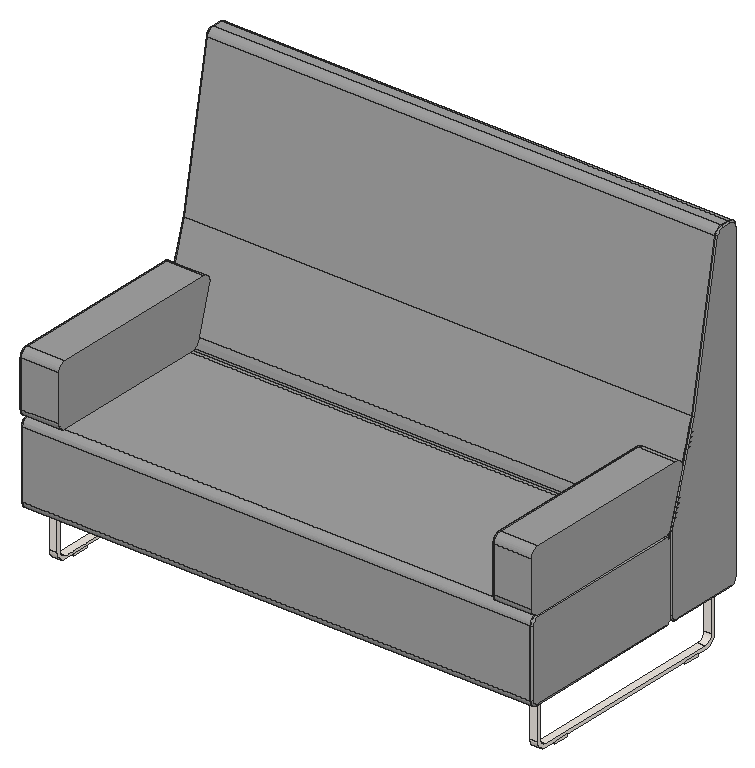
Revit family "Haworth_Riverbend_StraightBench_EU_PRELIMINARY", category Furniture, Revit 2018
Family settings
  OmniClass Number = 23.40.70.14.64.21
  OmniClass Title = Systems Furniture
  Work Plane-Based = No
  Always vertical = Yes
  Cut with Voids When Loaded = No
  Shared = No
  Room Calculation Point = No
Parameters (values of type "126 x 85 x 170 - High Back")
  Without Arms [instance] = not(or(Left Arm, Right Arm))  # no
  With Arms [instance] = not(Without Arms)  # yes
  Warranty = "http://www.haworth.com/resources/product-info/warranties"
  URL - Product = "https://www.haworth.com/eu/en/products/sofas-armchairs/riverbend-pebble.html"
  Two Arms [instance] = and(Left Arm, Right Arm)  # yes
  Trim Finish = Haworth _ Paint _ Plaster
  Symbolic Line Controler = not(No Back)  # yes
  Small = no
  Seat Upholstery Finish [instance] = Haworth _ Fabric _ Tellure _ Steel 3A-39
  Right Arm [instance] = yes
  No Back = not(or(Mid Back, High Back))  # no
  Mid Back = no
  Medium = not(or(Small, Large))  # no
  Model = "SELSSLNX"  # constant formula
  Left Arm [instance] = yes
  Large = yes
  High Back = yes
  Hardware Finish = Haworth _ Paint _ Plaster
  Front Finish = Haworth _ Plastic _ Black
  Description = "Haworth - Riverbend - Straight Bench"  # constant formula
  URL = "https://www.haworth.com/eu/en.html"
  Size = "Verify Final Dim. w/ Haworth"  # constant formula
  Revision Number = "1"  # constant formula
  Manufacturer = "Haworth"  # constant formula
  Back Upholstery Finish [instance] = Haworth _ Fabric _ Tellure _ Steel 3A-39
  Author = "Haworth (Bentzen, Abd Rahman)"  # constant formula
  Assembly Code = "E2020200"
  Arms = "Not available for No Back"  # constant formula
  Arm Finish [instance] = Haworth _ Fabric _ Tellure _ Steel 3A-39
  Actual Width = if(Small, 70 cm, if(Medium, 140 cm, 170 cm))  # 170 cm
  Actual Height = 45 cm  # constant formula
  Actual Depth = if([79D], 79 cm, 85 cm)  # 85 cm
  85D = yes
  79D = not([85D])  # no
Reference planes (cm)
  plane 1 "Center F/B": y = 2.9014
  plane 2 "Bottom": z = 0
  plane 3 "Center L/R": x = -49.53
  plane 4 "Left": x = -134.53
  plane 5 "Right": x = 35.47
  plane 6 "Frame Back": y = 45.4014
  plane 7 "Chair Front": y = -39.5986
  plane 8 "Top": z = 45
  plane 9 "Foot Front - Back of Foot": y = -22.4511
  plane 10 "Leg Left - Left of Leg Bracket": x = -130.57
  plane 11 "Leg Left - Right of Leg": x = -128.03
  plane 12 "Leg Left - Right of Leg Bracket": x = -124.5375
  plane 13 "Leg Right - Right of Leg Bracket": x = 31.51
  plane 14 "Leg Right - Left of Leg Bracket": x = 25.4775
  plane 15 "Leg Right - Left of Leg": x = 28.97
  plane 16 "Left - Top of Chamfer Edge": x = -133.895
  plane 17 "Right - Top of Chamfer Edge": x = 34.835
  plane 18 "Top - Bottom of Chamfer Edge": z = 44.365
  plane 19 "Frame Bottom": z = 17.695
  plane 20 "Leg Bracket - Bottom": z = 17.78
  plane 21 "Leg Back - Front of Leg": y = 39.9639
  plane 22: z = 127
  plane 23: y = 17.0748
  plane 24: y = 17.7098
  plane 25: y = 18.1627
Lines and regions (cm)
  Masking region 1
    outline origin (0, 0, 45) x (-1, 0, 0) y (0, -1, 0)
      loop
        line (134.53, -45.4014) -> (134.53, 39.5986) -> (-35.47, 39.5986) -> (-35.47, -45.4014) -> (134.53, -45.4014)
  symbolic lines, style "Haworth", visible <- "Symbolic Line Controler"
    curve 1: line (-133.895, 18.3798, 45) -> (34.835, 18.3798, 45)
Dimensions and locks (cm)
  "Actual Width": plane 4 "Left" to plane 5 "Right"
  equal spacing: plane 4 "Left", plane 3 "Center L/R", plane 5 "Right"
  "Actual Depth": plane 6 "Frame Back" to plane 7 "Chair Front"
  equal spacing: plane 6 "Frame Back", plane 1 "Center F/B", plane 7 "Chair Front"
  locked: plane 4 "Left" to plane 16 "Left - Top of Chamfer Edge" at 0.635
  locked: plane 17 "Right - Top of Chamfer Edge" to plane 5 "Right" at 0.635
  plane 16 "Left - Top of Chamfer Edge" to plane 10 "Leg Left - Left of Leg Bracket" to plane 11 "Leg Left - Right of Leg" to plane 12 "Leg Left - Right of Leg Bracket" = 3.325 cm locked, 2.54 cm locked, 3.4925 cm locked
  plane 14 "Leg Right - Left of Leg Bracket" to plane 15 "Leg Right - Left of Leg" to plane 13 "Leg Right - Right of Leg Bracket" to plane 17 "Right - Top of Chamfer Edge" = 3.4925 cm locked, 2.54 cm locked, 3.325 cm locked
  locked: plane 8 "Top" to plane 18 "Top - Bottom of Chamfer Edge" at 0.635
  plane 8 "Top" to plane 19 "Frame Bottom" = 27.305 cm
  "Actual Height": plane 8 "Top" to plane 2 "Bottom"
  plane 8 "Top" to plane 2 "Bottom" = 45 cm
  plane 22 to level = 127 cm
  plane 21 "Leg Back - Front of Leg" to plane 6 "Frame Back" = 5.4375 cm
  plane 1 "Center F/B" to plane 23 to plane 24 to plane 25 = 14.1734 cm locked, 0.635 cm locked, 0.4529 cm locked
  aligned and locked: plane 7 "Chair Front" to Masking region 1 sketch curve
  aligned and locked: Masking region 1 sketch curve to plane 5 "Right"
  aligned and locked: Masking region 1 sketch curve to plane 4 "Left"
  aligned and locked: Masking region 1 sketch curve to plane 6 "Frame Back"
  aligned and locked: plane 3 "Center L/R" to nested 1
  aligned and locked: plane 7 "Chair Front" to nested 1
  aligned and locked: plane 3 "Center L/R" to nested 3
  aligned and locked: plane 1 "Center F/B" to nested 3
  aligned and locked: plane 3 "Center L/R" to nested 2
  aligned and locked: plane 6 "Frame Back" to nested 2
  aligned and locked: nested 1 to plane 19 "Frame Bottom"
  aligned and locked: nested 2 to plane 19 "Frame Bottom"
  aligned and locked: plane 19 "Frame Bottom" to nested 3  (x2)
  aligned and locked: nested 4 to plane 7 "Chair Front"
  aligned and locked: plane 5 "Right" to nested 4
  aligned and locked: nested 5 to plane 7 "Chair Front"
  aligned and locked: plane 4 "Left" to nested 5
  aligned and locked: nested 5 to plane 8 "Top"
  aligned and locked: nested 4 to plane 8 "Top"
Automatic sketch dimensions
  curve 1 to plane 17 "Right - Top of Chamfer Edge" = 0 cm
  curve 1 to plane 16 "Left - Top of Chamfer Edge" = 0 cm
  curve 1 to plane 25 = 0.2172 cm
Nested families (cm)
  nested 1: "Haworth_Riverbend_StraightBench_Seat-PART" at (0, -0.59, 0), Seat Upholstery Finish <- "Seat Upholstery Finish", type "Seat - PART"
    with Seat Upholstery Finish Haworth _ Fabric _ Tellure _ Steel 3A-39
  nested 2: "Haworth_Riverbend_StraightBench_Back-PART" at (0, 0.59, 0), Back Upholstery Finish <- "Back Upholstery Finish", type "Back - PART"
    with Back Upholstery Finish Haworth _ Fabric _ Tellure _ Steel 3A-39, No Back no, Mid Back no, Actual Width 170 cm, Actual Height 45 cm, Actual Depth 85 cm
  nested 3: "Haworth_Riverbend_StraightBench_Base-PART" at (0, 2.16, 0), Trim Finish <- "Trim Finish", type "Base - PART"
    with Trim Finish Haworth _ Paint _ Plaster, Power Module no, Actual Width 170 cm, Actual Height 45 cm, Actual Depth 85 cm
  nested 4: "Haworth_Riverbend_Arm-PART" at (78.5, -12.9501, -0.72), Arm Finish <- "Arm Finish", visible <- "Right Arm", 85D <- "85D", 79D <- "79D", type "Arm - PART"
    with Arm Finish Haworth _ Fabric _ Tellure _ Steel 3A-39, 85D yes, 79D no
  nested 5: "Haworth_Riverbend_Arm-PART" at (-78.5, -12.9501, -0.72), Arm Finish <- "Arm Finish", visible <- "Left Arm", 85D <- "85D", 79D <- "79D", type "Arm - PART"
    with Arm Finish Haworth _ Fabric _ Tellure _ Steel 3A-39, 85D yes, 79D no
Definition of nested family "Haworth_Riverbend_StraightBench_Seat-PART"
  Parameters (values of type "Seat - PART")
    Warranty = "http://www.haworth.com/resources/product-info/warranties"
    URL - Product = "http://www.haworth.com/products/seating/sofas/riverbend-pebble"
    Symbolic Line Controller = yes
    Seat Upholstery Finish [instance] = none
    No Back = no
    Mid Back = no
    Model = "Haworth - Riverbend"  # constant formula
    High Back = yes
    Description = "Haworth - Riverbend - Seat - PART"  # constant formula
    URL = "http://www.haworth.com"
    Size = "Verify Final Dim. w/ Haworth"  # constant formula
    Revision Number = "1"  # constant formula
    Manufacturer = "Haworth"  # constant formula
    Author = "Haworth (Bentzen, Abd Rahman)"  # constant formula
    Assembly Code = "E2020200"
    Actual Width = 170 cm
    Actual Height = 45 cm
    Actual Depth = 85 cm
  Reference planes (cm)
    plane 1 "Center F/B": y = 3.4914
    plane 2 "Bottom": z = 0
    plane 3 "Center L/R": x = -49.53
    plane 4 "Left": x = -134.53
    plane 5 "Right": x = 35.47
    plane 6 "Frame Back": y = 45.9914
    plane 7 "Chair Front": y = -39.0086
    plane 8 "Top": z = 45
    plane 9 "Back - Chamfer Edge": y = 45.3564
    plane 10 "Left - Top of Chamfer Edge": x = -133.895
    plane 11 "Right - Top of Chamfer Edge": x = 34.835
    plane 12 "Top - Bottom of Chamfer Edge": z = 44.365
    plane 13 "Frame Bottom": z = 17.695
    plane 14 "Bottom - Top of Chamfer Edge": z = 18.33
    plane 15 "Front - Chamfer Edge": y = -38.3736
    plane 16 "Leg Bracket - Bottom": z = 17.78
    plane 17 "Leg Bottom - Top of Bottom": z = 1.5875
    plane 18 "Foot - Top of Foot": z = 0.635
    plane 19 "Power Mod - Right": x = -54.46
    plane 20: z = 126.365
    plane 21: y = 17.6648
    plane 22: y = 18.2998
    plane 23: y = 18.7527
  Forms (cm)
    Extrusion 1, solid, material <- "Seat Upholstery Finish", visible <- "No Back"
      sketch origin (-134.53, 0, 0) x (0, -1, 0) y (0, 0, 1)
        loop
          arc (-43.4514, 45) -> (-45.2475, 44.2561) -> (-45.9914, 42.46) r 2.54
          line (-45.9914, 42.46) -> (-45.9914, 20.235)
          arc (-45.9914, 20.235) -> (-45.2475, 18.4389) -> (-43.4514, 17.695) r 2.54
          line (-43.4514, 17.695) -> (36.4686, 17.695)
          arc (36.4686, 17.695) -> (38.2646, 18.4389) -> (39.0086, 20.235) r 2.54
          line (39.0086, 20.235) -> (39.0086, 42.46)
          arc (39.0086, 42.46) -> (38.2646, 44.2561) -> (36.4686, 45) r 2.54
          line (36.4686, 45) -> (-43.4514, 45)
      from -169.365 to -0.635
    Extrusion 2, solid, material <- "Seat Upholstery Finish", visible <- "High Back"
      sketch origin (-134.53, -27.1016, 0) x (0, -1, 0) y (0, 0, 1)
        loop
          arc (-42.8614, 45) -> (-44.6575, 44.2561) -> (-45.4014, 42.46) r 2.54
          line (-45.4014, 42.46) -> (-45.4014, 20.235)
          arc (-45.4014, 20.235) -> (-44.6575, 18.4389) -> (-42.8614, 17.695) r 2.54
          line (-42.8614, 17.695) -> (9.367, 17.695)
          arc (9.367, 17.695) -> (11.163, 18.4389) -> (11.907, 20.235) r 2.54
          line (11.907, 20.235) -> (11.907, 42.46)
          arc (11.907, 42.46) -> (11.163, 44.2561) -> (9.367, 45) r 2.54
          line (9.367, 45) -> (-42.8614, 45)
      from -169.365 to -0.635
    Extrusion 3, solid, material <- "Seat Upholstery Finish", visible <- "Mid Back"
      sketch origin (-134.53, -22, 0) x (0, -1, 0) y (0, 0, 1)
        loop
          arc (-38.3498, 45) -> (-40.1459, 44.2561) -> (-40.8898, 42.46) r 2.54
          line (-40.8898, 42.46) -> (-40.8898, 20.235)
          arc (-40.8898, 20.235) -> (-40.1459, 18.4389) -> (-38.3498, 17.695) r 2.54
          line (-38.3498, 17.695) -> (14.4686, 17.695)
          arc (14.4686, 17.695) -> (16.2646, 18.4389) -> (17.0086, 20.235) r 2.54
          line (17.0086, 20.235) -> (17.0086, 42.46)
          arc (17.0086, 42.46) -> (16.2646, 44.2561) -> (14.4686, 45) r 2.54
          line (14.4686, 45) -> (-38.3498, 45)
      from -169.365 to -0.635
    Blend 4, solid, material <- "Seat Upholstery Finish", visible <- "No Back"
      base sketch origin (85.09, 0, 0) x (0, -1, 0) y (0, 0, -1)
        loop
          arc (36.4686, -45) -> (38.2646, -44.2561) -> (39.0086, -42.46) r 2.54
          line (39.0086, -42.46) -> (39.0086, -20.235)
          arc (39.0086, -20.235) -> (38.2646, -18.4389) -> (36.4686, -17.695) r 2.54
          line (36.4686, -17.695) -> (-43.4514, -17.695)
          arc (-43.4514, -17.695) -> (-45.2475, -18.4389) -> (-45.9914, -20.235) r 2.54
          line (-45.9914, -20.235) -> (-45.9914, -42.46)
          arc (-45.9914, -42.46) -> (-45.2475, -44.2561) -> (-43.4514, -45) r 2.54
          line (-43.4514, -45) -> (36.4686, -45)
      top sketch origin (35.56, 0, 0) x (0, -1, 0) y (0, 0, -1)
        loop
          line (-43.4514, -44.365) -> (36.4686, -44.365)
          arc (36.4686, -44.365) -> (37.8156, -43.807) -> (38.3736, -42.46) r 1.905
          line (38.3736, -42.46) -> (38.3736, -20.235)
          arc (38.3736, -20.235) -> (37.8156, -18.888) -> (36.4686, -18.33) r 1.905
          line (36.4686, -18.33) -> (-43.4514, -18.33)
          arc (-43.4514, -18.33) -> (-44.7984, -18.888) -> (-45.3564, -20.235) r 1.905
          line (-45.3564, -20.235) -> (-45.3564, -42.46)
          arc (-45.3564, -42.46) -> (-44.7984, -43.807) -> (-43.4514, -44.365) r 1.905
      from -50.255 to -0.09
    Blend 5, solid, material <- "Seat Upholstery Finish", visible <- "Symbolic Line Controller"
      base sketch origin (85.09, -22, 0) x (0, -1, 0) y (0, 0, -1)
        loop
          arc (14.4686, -45) -> (16.2646, -44.2561) -> (17.0086, -42.46) r 2.54
          line (17.0086, -42.46) -> (17.0086, -20.235)
          arc (17.0086, -20.235) -> (16.2646, -18.4389) -> (14.4686, -17.695) r 2.54
          line (14.4686, -17.695) -> (-38.2127, -17.695)
          arc (-38.2127, -17.695) -> (-40.0087, -18.4389) -> (-40.7527, -20.235) r 2.54
          line (-40.7527, -20.235) -> (-40.7527, -42.46)
          arc (-40.7527, -42.46) -> (-40.0087, -44.2561) -> (-38.2127, -45) r 2.54
          line (-38.2127, -45) -> (14.4686, -45)
      top sketch origin (35.56, -22, 0) x (0, -1, 0) y (0, 0, -1)
        loop
          line (-38.3948, -44.365) -> (14.4686, -44.365)
          arc (14.4686, -44.365) -> (15.8156, -43.807) -> (16.3736, -42.46) r 1.905
          line (16.3736, -42.46) -> (16.3736, -20.235)
          arc (16.3736, -20.235) -> (15.8156, -18.888) -> (14.4686, -18.33) r 1.905
          line (14.4686, -18.33) -> (-38.3948, -18.33)
          arc (-38.3948, -18.33) -> (-39.7418, -18.888) -> (-40.2998, -20.235) r 1.905
          line (-40.2998, -20.235) -> (-40.2998, -42.46)
          arc (-40.2998, -42.46) -> (-39.7418, -43.807) -> (-38.3948, -44.365) r 1.905
      from -50.255 to -0.09
    Blend 6, solid, material <- "Seat Upholstery Finish", visible <- "No Back"
      base sketch origin (-265.13, 0, 0) x (0, -1, 0) y (0, 0, 1)
        loop
          line (36.4686, 45) -> (-43.4514, 45)
          arc (-43.4514, 45) -> (-45.2475, 44.2561) -> (-45.9914, 42.46) r 2.54
          line (-45.9914, 42.46) -> (-45.9914, 20.235)
          arc (-45.9914, 20.235) -> (-45.2475, 18.4389) -> (-43.4514, 17.695) r 2.54
          line (-43.4514, 17.695) -> (36.4686, 17.695)
          arc (36.4686, 17.695) -> (38.2646, 18.4389) -> (39.0086, 20.235) r 2.54
          line (39.0086, 20.235) -> (39.0086, 42.46)
          arc (39.0086, 42.46) -> (38.2646, 44.2561) -> (36.4686, 45) r 2.54
      top sketch origin (-215.6, 0, 0) x (0, -1, 0) y (0, 0, 1)
        loop
          arc (-43.4514, 44.365) -> (-44.7984, 43.807) -> (-45.3564, 42.46) r 1.905
          line (-45.3564, 42.46) -> (-45.3564, 20.235)
          arc (-45.3564, 20.235) -> (-44.7984, 18.888) -> (-43.4514, 18.33) r 1.905
          line (-43.4514, 18.33) -> (36.4686, 18.33)
          arc (36.4686, 18.33) -> (37.8156, 18.888) -> (38.3736, 20.235) r 1.905
          line (38.3736, 20.235) -> (38.3736, 42.46)
          arc (38.3736, 42.46) -> (37.8156, 43.807) -> (36.4686, 44.365) r 1.905
          line (36.4686, 44.365) -> (-43.4514, 44.365)
      from -131.235 to -81.07
    Blend 7, solid, material <- "Seat Upholstery Finish", visible <- "Symbolic Line Controller"
      base sketch origin (-184.15, -22, 0) x (0, -1, 0) y (0, 0, 1)
        loop
          line (14.4686, 45) -> (-38.2127, 45)
          arc (-38.2127, 45) -> (-40.0087, 44.2561) -> (-40.7527, 42.46) r 2.54
          line (-40.7527, 42.46) -> (-40.7527, 20.235)
          arc (-40.7527, 20.235) -> (-40.0087, 18.4389) -> (-38.2127, 17.695) r 2.54
          line (-38.2127, 17.695) -> (14.4686, 17.695)
          arc (14.4686, 17.695) -> (16.2646, 18.4389) -> (17.0086, 20.235) r 2.54
          line (17.0086, 20.235) -> (17.0086, 42.46)
          arc (17.0086, 42.46) -> (16.2646, 44.2561) -> (14.4686, 45) r 2.54
      top sketch origin (-134.62, -22, 0) x (0, -1, 0) y (0, 0, 1)
        loop
          arc (-38.3948, 44.365) -> (-39.7418, 43.807) -> (-40.2998, 42.46) r 1.905
          line (-40.2998, 42.46) -> (-40.2998, 20.235)
          arc (-40.2998, 20.235) -> (-39.7418, 18.888) -> (-38.3948, 18.33) r 1.905
          line (-38.3948, 18.33) -> (14.4686, 18.33)
          arc (14.4686, 18.33) -> (15.8156, 18.888) -> (16.3736, 20.235) r 1.905
          line (16.3736, 20.235) -> (16.3736, 42.46)
          arc (16.3736, 42.46) -> (15.8156, 43.807) -> (14.4686, 44.365) r 1.905
          line (14.4686, 44.365) -> (-38.3948, 44.365)
      from -50.255 to -0.09
  Lines and regions (cm)
    Masking region 1
      outline origin (0, 0, 45) x (-1, 0, 0) y (0, -1, 0)
        loop
          line (134.53, -45.9914) -> (134.53, 39.0086) -> (-35.47, 39.0086) -> (-35.47, -45.9914) -> (134.53, -45.9914)
    symbolic lines, detail levels medium+fine
      curve 1: line (-133.895, 18.9698, 45) -> (34.835, 18.9698, 45)
  Dimensions and locks (cm)
    "Actual Width": plane 4 "Left" to plane 5 "Right"
    equal spacing: plane 4 "Left", plane 3 "Center L/R", plane 5 "Right"
    "Actual Depth": plane 6 "Frame Back" to plane 7 "Chair Front"
    equal spacing: plane 6 "Frame Back", plane 1 "Center F/B", plane 7 "Chair Front"
    locked: plane 6 "Frame Back" to plane 9 "Back - Chamfer Edge" at 0.635
    locked: plane 4 "Left" to plane 10 "Left - Top of Chamfer Edge" at 0.635
    locked: plane 11 "Right - Top of Chamfer Edge" to plane 5 "Right" at 0.635
    locked: plane 8 "Top" to plane 12 "Top - Bottom of Chamfer Edge" at 0.635
    locked: plane 14 "Bottom - Top of Chamfer Edge" to plane 13 "Frame Bottom" at 0.635
    plane 8 "Top" to plane 13 "Frame Bottom" = 27.305 cm
    "Actual Height": plane 8 "Top" to plane 2 "Bottom"
    locked: plane 15 "Front - Chamfer Edge" to plane 7 "Chair Front" at 0.635
    plane 8 "Top" to plane 2 "Bottom" = 45 cm
    plane 21 to plane 22 to plane 23 to plane 9 "Back - Chamfer Edge" = 0.635 cm locked, 0.4529 cm locked, 26.6037 cm locked
    aligned and locked: plane 6 "Frame Back" to Extrusion 1
    aligned and locked: Extrusion 1 to plane 7 "Chair Front"
    aligned and locked: Extrusion 1 to plane 10 "Left - Top of Chamfer Edge"
    aligned and locked: plane 11 "Right - Top of Chamfer Edge" to Extrusion 1
    aligned and locked: Extrusion 1 to plane 13 "Frame Bottom"
    aligned and locked: plane 8 "Top" to Extrusion 1
    aligned and locked: plane 11 "Right - Top of Chamfer Edge" to Extrusion 3
    aligned and locked: plane 11 "Right - Top of Chamfer Edge" to Extrusion 2
    aligned and locked: Extrusion 3 sketch curve to plane 8 "Top"
    aligned and locked: plane 7 "Chair Front" to Extrusion 3 sketch curve
    aligned and locked: plane 13 "Frame Bottom" to Extrusion 3 sketch curve
    aligned and locked: plane 13 "Frame Bottom" to Extrusion 2 sketch curve
    aligned and locked: Extrusion 2 sketch curve to plane 8 "Top"
    aligned and locked: plane 7 "Chair Front" to Extrusion 2 sketch curve
    aligned and locked: plane 5 "Right" to Blend 4
    aligned and locked: Blend 4 to plane 11 "Right - Top of Chamfer Edge"
    aligned and locked: plane 5 "Right" to Blend 5
    aligned and locked: Blend 5 to plane 11 "Right - Top of Chamfer Edge"
    aligned and locked: plane 10 "Left - Top of Chamfer Edge" to Blend 6
    aligned and locked: plane 4 "Left" to Blend 6
    aligned and locked: plane 7 "Chair Front" to Masking region 1 sketch curve
    aligned and locked: Masking region 1 sketch curve to plane 5 "Right"
    aligned and locked: Masking region 1 sketch curve to plane 4 "Left"
    aligned and locked: Masking region 1 sketch curve to plane 6 "Frame Back"
    aligned and locked: plane 7 "Chair Front" to Blend 5 sketch curve
    aligned and locked: Blend 5 sketch curve to plane 8 "Top"
    aligned and locked: plane 13 "Frame Bottom" to Blend 5 sketch curve
    aligned and locked: plane 12 "Top - Bottom of Chamfer Edge" to Blend 5 sketch curve
    aligned and locked: plane 15 "Front - Chamfer Edge" to Blend 5 sketch curve
    aligned and locked: plane 14 "Bottom - Top of Chamfer Edge" to Blend 5 sketch curve
    aligned and locked: plane 13 "Frame Bottom" to Blend 4 sketch curve
    aligned and locked: Blend 4 sketch curve to plane 6 "Frame Back"
    aligned and locked: Blend 4 sketch curve to plane 8 "Top"
    aligned and locked: plane 7 "Chair Front" to Blend 4 sketch curve
    aligned and locked: plane 15 "Front - Chamfer Edge" to Blend 4 sketch curve
    aligned and locked: plane 12 "Top - Bottom of Chamfer Edge" to Blend 4 sketch curve
    aligned and locked: plane 14 "Bottom - Top of Chamfer Edge" to Blend 4 sketch curve
    aligned and locked: plane 9 "Back - Chamfer Edge" to Blend 4 sketch curve
    aligned and locked: plane 8 "Top" to Extrusion 1 sketch curve
    aligned and locked: Extrusion 1 sketch curve to plane 13 "Frame Bottom"
    aligned and locked: plane 6 "Frame Back" to Extrusion 1 sketch curve
    aligned and locked: Extrusion 1 sketch curve to plane 7 "Chair Front"
    aligned and locked: plane 23 to Blend 5 sketch curve
    aligned and locked: Blend 5 sketch curve to plane 22
    aligned and locked: plane 4 "Left" to Blend 7
    aligned and locked: plane 10 "Left - Top of Chamfer Edge" to Blend 7
  Automatic sketch dimensions
    curve 1 to plane 11 "Right - Top of Chamfer Edge" = 0 cm
    curve 1 to plane 10 "Left - Top of Chamfer Edge" = 0 cm
    curve 1 to plane 23 = 0.2172 cm
    Extrusion 1 sketch curve to plane 9 "Back - Chamfer Edge" = 1.905 cm  (x2)
    plane 14 "Bottom - Top of Chamfer Edge" to Extrusion 1 sketch curve = 1.905 cm
    plane 15 "Front - Chamfer Edge" to Extrusion 1 sketch curve = 1.905 cm
    Extrusion 2 sketch curve to plane 22 = 0 cm
    plane 21 to Extrusion 2 sketch curve = 1.905 cm
    Extrusion 2 sketch curve to plane 12 "Top - Bottom of Chamfer Edge" = 1.905 cm
    plane 14 "Bottom - Top of Chamfer Edge" to Extrusion 2 sketch curve = 1.905 cm
    plane 15 "Front - Chamfer Edge" to Extrusion 2 sketch curve = 1.905 cm
    Extrusion 3 sketch curve to plane 12 "Top - Bottom of Chamfer Edge" = 1.905 cm
    plane 15 "Front - Chamfer Edge" to Extrusion 3 sketch curve = 1.905 cm
    plane 21 to Extrusion 3 sketch curve = 1.315 cm  (x2)
    Extrusion 3 sketch curve to plane 23 = 0.1371 cm
    Blend 4 sketch curve to plane 9 "Back - Chamfer Edge" = 1.905 cm  (x4)
    plane 15 "Front - Chamfer Edge" to Blend 4 sketch curve = 1.905 cm  (x3)
    Blend 4 sketch curve to Blend 4 sketch curve = 1.905 cm
    plane 21 to Blend 5 sketch curve = 1.4521 cm  (x2)
    plane 15 "Front - Chamfer Edge" to Blend 5 sketch curve = 1.905 cm  (x3)
    plane 21 to Blend 5 sketch curve = 1.27 cm  (x2)
    Blend 5 sketch curve to Blend 5 sketch curve = 1.905 cm
    Blend 6 sketch curve to plane 6 "Frame Back" = 0 cm
    Blend 6 sketch curve to plane 13 "Frame Bottom" = 0 cm
    Blend 6 sketch curve to plane 8 "Top" = 0 cm
    Blend 6 sketch curve to plane 7 "Chair Front" = 0 cm
    Blend 6 sketch curve to plane 9 "Back - Chamfer Edge" = 1.905 cm  (x3)
    plane 15 "Front - Chamfer Edge" to Blend 6 sketch curve = 1.905 cm  (x3)
    Blend 6 sketch curve to plane 9 "Back - Chamfer Edge" = 0 cm
    Blend 6 sketch curve to plane 14 "Bottom - Top of Chamfer Edge" = 0 cm
    Blend 6 sketch curve to plane 12 "Top - Bottom of Chamfer Edge" = 0 cm
    Blend 6 sketch curve to plane 15 "Front - Chamfer Edge" = 0 cm
    Blend 6 sketch curve to Blend 6 sketch curve = 1.905 cm
    plane 14 "Bottom - Top of Chamfer Edge" to Blend 6 sketch curve = 1.905 cm
    Blend 7 sketch curve to plane 23 = 0 cm
    Blend 7 sketch curve to plane 13 "Frame Bottom" = 0 cm
    Blend 7 sketch curve to plane 8 "Top" = 0 cm
    Blend 7 sketch curve to plane 7 "Chair Front" = 0 cm
    plane 21 to Blend 7 sketch curve = 1.4521 cm  (x2)
    plane 15 "Front - Chamfer Edge" to Blend 7 sketch curve = 1.905 cm  (x3)
    Blend 7 sketch curve to plane 22 = 0 cm
    Blend 7 sketch curve to plane 14 "Bottom - Top of Chamfer Edge" = 0 cm
    Blend 7 sketch curve to plane 12 "Top - Bottom of Chamfer Edge" = 0 cm
    Blend 7 sketch curve to plane 15 "Front - Chamfer Edge" = 0 cm
    plane 21 to Blend 7 sketch curve = 1.27 cm  (x2)
    Blend 7 sketch curve to Blend 7 sketch curve = 1.905 cm
Definition of nested family "Haworth_Riverbend_StraightBench_Back-PART"
  Parameters (values of type "Back - PART")
    Warranty = "http://www.haworth.com/resources/product-info/warranties"
    URL - Product = "http://www.haworth.com/products/seating/sofas/riverbend-pebble"
    No Back = yes
    Mid Back = yes
    Model = "Haworth - Riverbend"  # constant formula
    High Back = yes
    Description = "Haworth - Riverbend - Back - PART"  # constant formula
    URL = "http://www.haworth.com"
    Size = "Verify Final Dim. w/ Haworth"  # constant formula
    Revision Number = "1"  # constant formula
    Manufacturer = "Haworth"  # constant formula
    Back Upholstery Finish [instance] = none
    Author = "Haworth (Bentzen, Abd Rahman)"  # constant formula
    Assembly Code = "E2020200"
    Actual Width = 71.12 cm
    Actual Height = 45.72 cm
    Actual Depth = 83.82 cm
  Reference planes (cm)
    plane 1 "Center F/B": y = 2.9014
    plane 2 "Bottom": z = 0
    plane 3 "Center L/R": x = -49.53
    plane 4 "Left": x = -85.09
    plane 5 "Right": x = -13.97
    plane 6 "Frame Back": y = 44.8114
    plane 7 "Chair Front": y = -39.0086
    plane 8 "Top": z = 45.72
    plane 9 "Leg Back - Back of Leg Bracket": y = 40.3264
    plane 10 "Leg Back - Front of Leg Bracket": y = 34.2939
    plane 11 "Foot Back - Back of Foot": y = 33.3339
    plane 12 "Foot Back - Front of Foot": y = 28.2539
    plane 13 "Leg Left - Left of Leg Bracket": x = -81.13
    plane 14 "Leg Left - Right of Leg": x = -78.59
    plane 15 "Leg Left - Right of Leg Bracket": x = -75.0975
    plane 16 "Leg Right - Right of Leg Bracket": x = -17.93
    plane 17 "Leg Right - Left of Leg Bracket": x = -23.9625
    plane 18 "Leg Right - Left of Leg": x = -20.47
    plane 19 "Back - Chamfer Edge": y = 44.1764
    plane 20 "Left - Top of Chamfer Edge": x = -84.455
    plane 21 "Right - Top of Chamfer Edge": x = -14.605
    plane 22 "Top - Bottom of Chamfer Edge": z = 45.085
    plane 23 "Frame Bottom": z = 18.415
    plane 24 "Bottom - Top of Chamfer Edge": z = 19.05
    plane 25 "Leg Bracket - Bottom": z = 17.78
    plane 26 "Leg Back - Front of Leg": y = 39.3739
    plane 27 "Power Mod - Left": x = -70.97
    plane 28 "Power Mod - Right": x = -54.46
    plane 29: z = 78.74
    plane 30: z = 78.105
    plane 31: through (0, 29.6073, 74.5848) normal (0, -0.9811, 0.1935)
    plane 32: z = 127
    plane 33: through (0, 25.4794, 69.0235) normal (0, -0.9542, 0.299)
    plane 34: through (0, 32.8226, 102.9022) normal (0, -0.9817, 0.1904)
    plane 35: z = 126.365
    plane 36: y = 17.0748
    plane 37: y = 17.7098
    plane 38: y = 18.1627
  Forms (cm)
    Extrusion 1, solid, material <- "Back Upholstery Finish", visible <- "Mid Back"
      sketch origin (-85.09, -262.0991, 5.415) x (0, -1, 0) y (0, 0, 1)
        loop
          arc (-306.9105, 15.54) -> (-306.1666, 13.7439) -> (-304.3705, 13) r 2.54
          line (-304.3705, 13) -> (-282.3489, 13)
          arc (-282.3489, 13) -> (-280.5529, 13.7439) -> (-279.8089, 15.54) r 2.54
          line (-279.8089, 15.54) -> (-279.8089, 39.3992)
          arc (-279.8089, 39.3992) -> (-280.0347, 41.2731) -> (-280.4877, 43.1054) r 15.413
          line (-280.4877, 43.1054) -> (-288.8595, 69.8198)
          arc (-288.8595, 69.8198) -> (-290.6709, 72.3545) -> (-293.6313, 73.325) r 5.0006
          line (-293.6313, 73.325) -> (-301.9105, 73.325)
          arc (-301.9105, 73.325) -> (-305.4461, 71.8605) -> (-306.9105, 68.325) r 5
          line (-306.9105, 68.325) -> (-306.9105, 15.54)
      from -70.485 to -0.635
    Blend 2, solid, material <- "Back Upholstery Finish", visible <- "Mid Back"
      base sketch origin (-84.455, 66.8212, -16.9305) x (0, -1, 0) y (0, 0, 1)
        loop
          arc (27.0098, 95.6705) -> (23.4743, 94.206) -> (22.0098, 90.6705) r 5
          line (22.0098, 90.6705) -> (22.0098, 37.8855)
          arc (22.0098, 37.8855) -> (22.7537, 36.0895) -> (24.5498, 35.3455) r 2.54
          line (24.5498, 35.3455) -> (46.5714, 35.3455)
          arc (46.5714, 35.3455) -> (48.3674, 36.0895) -> (49.1114, 37.8855) r 2.54
          line (49.1114, 37.8855) -> (49.1114, 61.7447)
          arc (49.1114, 61.7447) -> (48.8857, 63.6186) -> (48.4326, 65.4509) r 15.413
          line (48.4326, 65.4509) -> (40.0608, 92.1653)
          arc (40.0608, 92.1653) -> (38.2494, 94.7) -> (35.289, 95.6705) r 5.0006
          line (35.289, 95.6705) -> (27.0098, 95.6705)
      top sketch origin (-84.455, 66.8212, -16.9305) x (0, -1, 0) y (0, 0, 1)
        loop
          line (35.289, 95.0355) -> (27.0098, 95.0355)
          arc (27.0098, 95.0355) -> (23.9233, 93.757) -> (22.6448, 90.6705) r 4.365
          line (22.6448, 90.6705) -> (22.6448, 37.8855)
          arc (22.6448, 37.8855) -> (23.2028, 36.5385) -> (24.5498, 35.9805) r 1.905
          line (24.5498, 35.9805) -> (46.7535, 35.9805)
          arc (46.7535, 35.9805) -> (48.1006, 36.5385) -> (48.6585, 37.8855) r 1.905
          line (48.6585, 37.8855) -> (48.6585, 62.6065) -> (39.4549, 91.9754)
          arc (39.4549, 91.9754) -> (37.8735, 94.1883) -> (35.289, 95.0355) r 4.3656
      from 0 to 0.635
    Extrusion 3, solid, material <- "Back Upholstery Finish", visible <- "High Back"
      sketch origin (-84.455, -407.8355, 5.415) x (0, -1, 0) y (0, 0, 1)
        loop
          arc (-452.6469, 15.54) -> (-451.903, 13.7439) -> (-450.1069, 13) r 2.54
          line (-450.1069, 13) -> (-428.0853, 13)
          arc (-428.0853, 13) -> (-426.2893, 13.7439) -> (-425.5453, 15.54) r 2.54
          line (-425.5453, 15.54) -> (-425.5453, 39.3992)
          arc (-425.5453, 39.3992) -> (-425.7711, 41.2731) -> (-426.2242, 43.1054) r 15.413
          line (-426.2242, 43.1054) -> (-434.7235, 70.2268) -> (-444.2757, 119.4718)
          arc (-444.2757, 119.4718) -> (-445.1774, 120.9886) -> (-446.8381, 121.585) r 2.6102
          line (-446.8381, 121.585) -> (-450.01, 121.585)
          arc (-450.01, 121.585) -> (-451.8746, 120.8126) -> (-452.6469, 118.948) r 2.637
          line (-452.6469, 118.948) -> (-452.6469, 15.54)
      from -69.85 to 0
    Blend 4, solid, material <- "Back Upholstery Finish", visible <- "High Back"
      base sketch origin (-84.455, 71.2662, -16.9305) x (0, -1, 0) y (0, 0, 1)
        loop
          line (26.4548, 141.2935) -> (26.4548, 37.8855)
          arc (26.4548, 37.8855) -> (27.1987, 36.0895) -> (28.9948, 35.3455) r 2.54
          line (28.9948, 35.3455) -> (51.0164, 35.3455)
          arc (51.0164, 35.3455) -> (52.8124, 36.0895) -> (53.5564, 37.8855) r 2.54
          line (53.5564, 37.8855) -> (53.5564, 61.7447)
          arc (53.5564, 61.7447) -> (53.3307, 63.6186) -> (52.8776, 65.4509) r 15.413
          line (52.8776, 65.4509) -> (44.3782, 92.5723) -> (34.8261, 141.8173)
          arc (34.8261, 141.8173) -> (33.9243, 143.3341) -> (32.2636, 143.9305) r 2.6102
          line (32.2636, 143.9305) -> (29.0918, 143.9305)
          arc (29.0918, 143.9305) -> (27.2271, 143.1582) -> (26.4548, 141.2935) r 2.637
      top sketch origin (-84.455, 71.2662, -16.9305) x (0, -1, 0) y (0, 0, 1)
        loop
          arc (29.0918, 143.2955) -> (27.6762, 142.7091) -> (27.0898, 141.2935) r 2.002
          line (27.0898, 141.2935) -> (27.0898, 37.8855)
          arc (27.0898, 37.8855) -> (27.6478, 36.5385) -> (28.9948, 35.9805) r 1.905
          line (28.9948, 35.9805) -> (51.1985, 35.9805)
          arc (51.1985, 35.9805) -> (52.5456, 36.5385) -> (53.1035, 37.8855) r 1.905
          line (53.1035, 37.8855) -> (53.1035, 62.6065) -> (43.7616, 92.4164) -> (34.2027, 141.6964)
          arc (34.2027, 141.6964) -> (33.5203, 142.8442) -> (32.2636, 143.2955) r 1.9752
          line (32.2636, 143.2955) -> (29.0918, 143.2955)
      from 0 to 0.635
    Blend 5, solid, material <- "Back Upholstery Finish", visible <- "High Back"
      base sketch origin (84.455, 71.2662, -16.9305) x (0, -1, 0) y (0, 0, -1)
        loop
          arc (26.4548, -141.2935) -> (27.2271, -143.1582) -> (29.0918, -143.9305) r 2.637
          line (29.0918, -143.9305) -> (32.2636, -143.9305)
          arc (32.2636, -143.9305) -> (33.9243, -143.3341) -> (34.8261, -141.8173) r 2.6102
          line (34.8261, -141.8173) -> (44.3782, -92.5723) -> (52.8776, -65.4509)
          arc (52.8776, -65.4509) -> (53.3307, -63.6186) -> (53.5564, -61.7447) r 15.413
          line (53.5564, -61.7447) -> (53.5564, -37.8855)
          arc (53.5564, -37.8855) -> (52.8124, -36.0895) -> (51.0164, -35.3455) r 2.54
          line (51.0164, -35.3455) -> (28.9948, -35.3455)
          arc (28.9948, -35.3455) -> (27.1987, -36.0895) -> (26.4548, -37.8855) r 2.54
          line (26.4548, -37.8855) -> (26.4548, -141.2935)
      top sketch origin (84.455, 71.2662, -16.9305) x (0, -1, 0) y (0, 0, -1)
        loop
          line (29.0918, -143.2955) -> (32.2636, -143.2955)
          arc (32.2636, -143.2955) -> (33.5203, -142.8442) -> (34.2027, -141.6964) r 1.9752
          line (34.2027, -141.6964) -> (43.7616, -92.4164) -> (53.1035, -62.6065) -> (53.1035, -37.8855)
          arc (53.1035, -37.8855) -> (52.5456, -36.5385) -> (51.1985, -35.9805) r 1.905
          line (51.1985, -35.9805) -> (28.9948, -35.9805)
          arc (28.9948, -35.9805) -> (27.6478, -36.5385) -> (27.0898, -37.8855) r 1.905
          line (27.0898, -37.8855) -> (27.0898, -141.2935)
          arc (27.0898, -141.2935) -> (27.6762, -142.7091) -> (29.0918, -143.2955) r 2.002
      from -99.06 to -98.425
    Blend 6, solid, material <- "Back Upholstery Finish", visible <- "Mid Back"
      base sketch origin (84.455, 66.8212, -16.9305) x (0, -1, 0) y (0, 0, -1)
        loop
          arc (35.289, -95.6705) -> (38.2494, -94.7) -> (40.0608, -92.1653) r 5.0006
          line (40.0608, -92.1653) -> (48.4326, -65.4509)
          arc (48.4326, -65.4509) -> (48.8857, -63.6186) -> (49.1114, -61.7447) r 15.413
          line (49.1114, -61.7447) -> (49.1114, -37.8855)
          arc (49.1114, -37.8855) -> (48.3674, -36.0895) -> (46.5714, -35.3455) r 2.54
          line (46.5714, -35.3455) -> (24.5498, -35.3455)
          arc (24.5498, -35.3455) -> (22.7537, -36.0895) -> (22.0098, -37.8855) r 2.54
          line (22.0098, -37.8855) -> (22.0098, -90.6705)
          arc (22.0098, -90.6705) -> (23.4743, -94.206) -> (27.0098, -95.6705) r 5
          line (27.0098, -95.6705) -> (35.289, -95.6705)
      top sketch origin (84.455, 66.8212, -16.9305) x (0, -1, 0) y (0, 0, -1)
        loop
          line (27.0098, -95.0355) -> (35.289, -95.0355)
          arc (35.289, -95.0355) -> (37.8735, -94.1883) -> (39.4549, -91.9754) r 4.3656
          line (39.4549, -91.9754) -> (48.6585, -62.6065) -> (48.6585, -37.8855)
          arc (48.6585, -37.8855) -> (48.1006, -36.5385) -> (46.7535, -35.9805) r 1.905
          line (46.7535, -35.9805) -> (24.5498, -35.9805)
          arc (24.5498, -35.9805) -> (23.2028, -36.5385) -> (22.6448, -37.8855) r 1.905
          line (22.6448, -37.8855) -> (22.6448, -90.6705)
          arc (22.6448, -90.6705) -> (23.9233, -93.757) -> (27.0098, -95.0355) r 4.365
      from -99.06 to -98.425
  Lines and regions (cm)
    Masking region 1
      outline origin (0, 0, 45.72) x (-1, 0, 0) y (0, -1, 0)
        loop
          line (85.09, -44.8114) -> (85.09, -17.7098) -> (13.97, -17.7098) -> (13.97, -44.8114) -> (85.09, -44.8114)
    symbolic lines, detail levels medium+fine
      curve 1: line (-84.455, 17.7898, 45.72) -> (-14.605, 17.7898, 45.72)
  Dimensions and locks (cm)
    "Actual Width": plane 4 "Left" to plane 5 "Right"
    equal spacing: plane 4 "Left", plane 3 "Center L/R", plane 5 "Right"
    locked: plane 6 "Frame Back" to plane 7 "Chair Front" at 83.82
    equal spacing: plane 6 "Frame Back", plane 1 "Center F/B", plane 7 "Chair Front"
    locked: plane 6 "Frame Back" to plane 19 "Back - Chamfer Edge" at 0.635
    locked: plane 4 "Left" to plane 20 "Left - Top of Chamfer Edge" at 0.635
    locked: plane 21 "Right - Top of Chamfer Edge" to plane 5 "Right" at 0.635
    plane 20 "Left - Top of Chamfer Edge" to plane 13 "Leg Left - Left of Leg Bracket" to plane 14 "Leg Left - Right of Leg" to plane 15 "Leg Left - Right of Leg Bracket" = 3.325 cm locked, 2.54 cm locked, 3.4925 cm locked
    plane 17 "Leg Right - Left of Leg Bracket" to plane 18 "Leg Right - Left of Leg" to plane 16 "Leg Right - Right of Leg Bracket" to plane 21 "Right - Top of Chamfer Edge" = 3.4925 cm locked, 2.54 cm locked, 3.325 cm locked
    locked: plane 8 "Top" to plane 22 "Top - Bottom of Chamfer Edge" at 0.635
    locked: plane 24 "Bottom - Top of Chamfer Edge" to plane 23 "Frame Bottom" at 0.635
    plane 8 "Top" to plane 23 "Frame Bottom" = 27.305 cm
    "Actual Height": plane 8 "Top" to plane 2 "Bottom"
    plane 19 "Back - Chamfer Edge" to plane 9 "Leg Back - Back of Leg Bracket" to plane 10 "Leg Back - Front of Leg Bracket" to plane 11 "Foot Back - Back of Foot" to plane 12 "Foot Back - Front of Foot" = 3.85 cm locked, 6.0325 cm locked, 0.96 cm locked, 5.08 cm locked
    plane 8 "Top" to plane 2 "Bottom" = 45.72 cm
    locked: plane 14 "Leg Left - Right of Leg" to plane 27 "Power Mod - Left" at 7.62
    level to plane 29 = 78.74 cm
    plane 32 to level = 127 cm
    Blend 4 sketch curve to plane 12 "Foot Back - Front of Foot" = 0.7493 cm
    plane 26 "Leg Back - Front of Leg" to plane 9 "Leg Back - Back of Leg Bracket" to plane 19 "Back - Chamfer Edge" to plane 6 "Frame Back" = 0.9525 cm, 3.85 cm, 0.635 cm
    plane 1 "Center F/B" to plane 36 to plane 37 to plane 38 = 14.1734 cm locked, 0.635 cm locked, 0.4529 cm locked
    aligned and locked: Extrusion 1 to plane 23 "Frame Bottom"
    aligned and locked: Extrusion 1 to plane 20 "Left - Top of Chamfer Edge"
    aligned and locked: plane 21 "Right - Top of Chamfer Edge" to Extrusion 1
    aligned and locked: plane 20 "Left - Top of Chamfer Edge" to Blend 2
    aligned and locked: plane 4 "Left" to Blend 2
    aligned and locked: Extrusion 3 to plane 20 "Left - Top of Chamfer Edge"
    aligned and locked: plane 21 "Right - Top of Chamfer Edge" to Extrusion 3
    aligned and locked: plane 4 "Left" to Blend 4
    aligned and locked: plane 20 "Left - Top of Chamfer Edge" to Blend 4
    aligned and locked: plane 6 "Frame Back" to Extrusion 1
    aligned and locked: plane 29 to Extrusion 1 sketch curve
    aligned and locked: Blend 2 to Extrusion 1 sketch curve
    aligned and locked: plane 23 "Frame Bottom" to Extrusion 1 sketch curve
    aligned and locked: Blend 4 sketch curve to Extrusion 3
    aligned and locked: plane 5 "Right" to Blend 5
    aligned and locked: Blend 5 to plane 21 "Right - Top of Chamfer Edge"
    aligned and locked: plane 5 "Right" to Blend 6
    aligned and locked: Blend 6 to plane 21 "Right - Top of Chamfer Edge"
    aligned and locked: Masking region 1 sketch curve to plane 5 "Right"
    aligned and locked: Masking region 1 sketch curve to plane 4 "Left"
    aligned and locked: Masking region 1 sketch curve to plane 6 "Frame Back"
    aligned and locked: Blend 6 sketch curve to plane 37
    aligned and locked: plane 23 "Frame Bottom" to Blend 6 sketch curve
    aligned and locked: Blend 6 sketch curve to plane 6 "Frame Back"
    aligned and locked: Blend 6 sketch curve to plane 29
    aligned and locked: Blend 6 sketch curve to plane 30
    aligned and locked: Blend 6 sketch curve to plane 19 "Back - Chamfer Edge"
    aligned and locked: plane 24 "Bottom - Top of Chamfer Edge" to Blend 6 sketch curve
    aligned and locked: Blend 6 sketch curve to plane 38
    aligned and locked: plane 23 "Frame Bottom" to Blend 5 sketch curve
    aligned and locked: Blend 5 sketch curve to plane 6 "Frame Back"
    aligned and locked: plane 37 to Blend 5 sketch curve
    aligned and locked: Blend 5 sketch curve to plane 32
    aligned and locked: plane 35 to Blend 5 sketch curve
    aligned and locked: Blend 5 sketch curve to plane 19 "Back - Chamfer Edge"
    aligned and locked: plane 24 "Bottom - Top of Chamfer Edge" to Blend 5 sketch curve
    aligned and locked: plane 38 to Blend 5 sketch curve
    aligned and locked: Masking region 1 sketch curve to plane 37
  Automatic sketch dimensions
    curve 1 to plane 21 "Right - Top of Chamfer Edge" = 0 cm
    curve 1 to plane 20 "Left - Top of Chamfer Edge" = 0 cm
    Extrusion 3 sketch curve to plane 6 "Frame Back" = 0 cm
    Extrusion 3 sketch curve to plane 23 "Frame Bottom" = 0 cm
    Extrusion 3 sketch curve to plane 32 = 0 cm
    Extrusion 3 sketch curve to plane 19 "Back - Chamfer Edge" = 1.905 cm
    plane 9 "Leg Back - Back of Leg Bracket" to Extrusion 3 sketch curve = 1.848 cm
    plane 26 "Leg Back - Front of Leg" to Extrusion 3 sketch curve = 0.3713 cm
    Extrusion 3 sketch curve to plane 35 = 1.4782 cm
    plane 10 "Leg Back - Front of Leg Bracket" to Extrusion 3 sketch curve = 2.1462 cm
    plane 11 "Foot Back - Back of Foot" to Extrusion 3 sketch curve = 0.2375 cm
    Extrusion 3 sketch curve to plane 12 "Foot Back - Front of Foot" = 1.3659 cm
    plane 24 "Bottom - Top of Chamfer Edge" to Extrusion 3 sketch curve = 1.905 cm
    Extrusion 3 sketch curve to plane 12 "Foot Back - Front of Foot" = 8.0041 cm
    plane 8 "Top" to Extrusion 3 sketch curve = 2.8004 cm
    Extrusion 3 sketch curve to Extrusion 3 sketch curve = 0.6788 cm
    Extrusion 3 sketch curve to plane 22 "Top - Bottom of Chamfer Edge" = 1.1737 cm
    Extrusion 3 sketch curve to plane 30 = 2.4632 cm
    Blend 4 sketch curve to plane 6 "Frame Back" = 0 cm
    Blend 4 sketch curve to plane 23 "Frame Bottom" = 0 cm
    Blend 4 sketch curve to plane 32 = 0 cm
    Blend 4 sketch curve to plane 19 "Back - Chamfer Edge" = 1.905 cm  (x2)
    plane 9 "Leg Back - Back of Leg Bracket" to Blend 4 sketch curve = 1.848 cm  (x2)
    plane 26 "Leg Back - Front of Leg" to Blend 4 sketch curve = 0.3713 cm  (x2)
    Blend 4 sketch curve to plane 35 = 1.4782 cm
    plane 10 "Leg Back - Front of Leg Bracket" to Blend 4 sketch curve = 2.1462 cm
    plane 11 "Foot Back - Back of Foot" to Blend 4 sketch curve = 0.2375 cm
    Blend 4 sketch curve to plane 12 "Foot Back - Front of Foot" = 1.3659 cm
    Blend 4 sketch curve to Blend 4 sketch curve = 2.54 cm
    plane 8 "Top" to Blend 4 sketch curve = 2.8004 cm
    Blend 4 sketch curve to Blend 4 sketch curve = 0.6788 cm
    Blend 4 sketch curve to plane 22 "Top - Bottom of Chamfer Edge" = 1.1737 cm
    Blend 4 sketch curve to plane 30 = 2.4632 cm
    Blend 4 sketch curve to plane 19 "Back - Chamfer Edge" = 0 cm
    Blend 4 sketch curve to plane 24 "Bottom - Top of Chamfer Edge" = 0 cm
    Blend 4 sketch curve to plane 35 = 0 cm
    Blend 4 sketch curve to plane 34 = 0 cm
    Blend 4 sketch curve to plane 33 = 0 cm  (x2)
    Blend 4 sketch curve to plane 35 = 1.5991 cm
    Blend 4 sketch curve to plane 12 "Foot Back - Front of Foot" = 8.1862 cm
    Blend 4 sketch curve to plane 8 "Top" = 0.0441 cm
    Blend 5 sketch curve to plane 19 "Back - Chamfer Edge" = 1.905 cm  (x2)
    plane 9 "Leg Back - Back of Leg Bracket" to Blend 5 sketch curve = 1.848 cm  (x2)
    plane 26 "Leg Back - Front of Leg" to Blend 5 sketch curve = 0.3713 cm  (x2)
    Blend 5 sketch curve to plane 35 = 1.4782 cm
    plane 10 "Leg Back - Front of Leg Bracket" to Blend 5 sketch curve = 2.1462 cm
    plane 11 "Foot Back - Back of Foot" to Blend 5 sketch curve = 0.2375 cm
    Blend 5 sketch curve to plane 12 "Foot Back - Front of Foot" = 1.3659 cm
    plane 8 "Top" to Blend 5 sketch curve = 2.8004 cm
    Blend 5 sketch curve to plane 12 "Foot Back - Front of Foot" = 9.8653 cm
    Blend 5 sketch curve to Blend 5 sketch curve = 2.54 cm
    Blend 5 sketch curve to plane 30 = 2.4632 cm
    Blend 5 sketch curve to plane 22 "Top - Bottom of Chamfer Edge" = 0.2708 cm
    Blend 5 sketch curve to plane 34 = 0 cm  (x2)
    Blend 5 sketch curve to plane 33 = 0 cm  (x2)
    Blend 5 sketch curve to plane 35 = 1.5991 cm
    Blend 5 sketch curve to plane 12 "Foot Back - Front of Foot" = 8.1862 cm
    Blend 2 sketch curve to plane 6 "Frame Back" = 0 cm
    Blend 2 sketch curve to plane 23 "Frame Bottom" = 0 cm
    plane 29 to Blend 2 sketch curve = 0 cm
    Blend 2 sketch curve to plane 19 "Back - Chamfer Edge" = 1.905 cm  (x2)
    Blend 2 sketch curve to plane 26 "Leg Back - Front of Leg" = 0.4375 cm  (x2)
    plane 11 "Foot Back - Back of Foot" to Blend 2 sketch curve = 0.2375 cm
    plane 11 "Foot Back - Back of Foot" to Blend 2 sketch curve = 1.8017 cm  (x2)
    Blend 2 sketch curve to plane 12 "Foot Back - Front of Foot" = 8.0041 cm
    plane 8 "Top" to Blend 2 sketch curve = 2.8004 cm
    Blend 2 sketch curve to plane 12 "Foot Back - Front of Foot" = 9.8653 cm
    Blend 2 sketch curve to plane 22 "Top - Bottom of Chamfer Edge" = 0.2708 cm
    Blend 2 sketch curve to Blend 2 sketch curve = 0.6788 cm
    Blend 2 sketch curve to plane 30 = 4.3656 cm
    Blend 2 sketch curve to plane 12 "Foot Back - Front of Foot" = 1.4935 cm
    Blend 2 sketch curve to plane 19 "Back - Chamfer Edge" = 0 cm
    Blend 2 sketch curve to plane 24 "Bottom - Top of Chamfer Edge" = 0 cm
    Blend 2 sketch curve to plane 30 = 0 cm
    Blend 2 sketch curve to plane 33 = 0 cm  (x2)
    plane 24 "Bottom - Top of Chamfer Edge" to Blend 2 sketch curve = 1.905 cm
    Blend 2 sketch curve to plane 1 "Center F/B" = 17.1663 cm
    Blend 2 sketch curve to plane 12 "Foot Back - Front of Foot" = 0.8876 cm
    Extrusion 1 sketch curve to plane 6 "Frame Back" = 0 cm
    Extrusion 1 sketch curve to plane 19 "Back - Chamfer Edge" = 1.905 cm
    Extrusion 1 sketch curve to plane 26 "Leg Back - Front of Leg" = 0.4375 cm
    plane 11 "Foot Back - Back of Foot" to Extrusion 1 sketch curve = 0.2375 cm
    plane 11 "Foot Back - Back of Foot" to Extrusion 1 sketch curve = 1.8017 cm
    Extrusion 1 sketch curve to plane 12 "Foot Back - Front of Foot" = 1.4935 cm
    plane 8 "Top" to Extrusion 1 sketch curve = 2.8004 cm
    Extrusion 1 sketch curve to Extrusion 1 sketch curve = 0.6788 cm
    Extrusion 1 sketch curve to plane 22 "Top - Bottom of Chamfer Edge" = 1.1737 cm
    plane 29 to Extrusion 1 sketch curve = 5.0006 cm
    plane 24 "Bottom - Top of Chamfer Edge" to Extrusion 1 sketch curve = 1.905 cm
    Blend 6 sketch curve to plane 19 "Back - Chamfer Edge" = 1.905 cm
    Blend 6 sketch curve to plane 26 "Leg Back - Front of Leg" = 0.4375 cm  (x2)
    plane 11 "Foot Back - Back of Foot" to Blend 6 sketch curve = 0.2375 cm
    plane 11 "Foot Back - Back of Foot" to Blend 6 sketch curve = 1.8017 cm  (x2)
    Blend 6 sketch curve to plane 12 "Foot Back - Front of Foot" = 1.4935 cm
    Blend 6 sketch curve to plane 12 "Foot Back - Front of Foot" = 8.0041 cm
    plane 8 "Top" to Blend 6 sketch curve = 2.8004 cm
    Blend 6 sketch curve to plane 22 "Top - Bottom of Chamfer Edge" = 0.2708 cm
    Blend 6 sketch curve to Blend 6 sketch curve = 0.6788 cm
    plane 29 to Blend 6 sketch curve = 3.5052 cm
    Blend 6 sketch curve to plane 33 = 0 cm  (x2)
    Blend 6 sketch curve to Blend 6 sketch curve = 1.905 cm  (x2)
    Blend 6 sketch curve to plane 12 "Foot Back - Front of Foot" = 0.8876 cm
    curve 1 to plane 12 "Foot Back - Front of Foot" = 10.4641 cm
Definition of nested family "Haworth_Riverbend_StraightBench_Base-PART"
  Parameters (values of type "Base - PART")
    Warranty = "http://www.haworth.com/resources/product-info/warranties"
    URL - Product = "http://www.haworth.com/products/seating/sofas/riverbend-pebble"
    Trim Finish [instance] = none
    Power Module = yes
    Model = "Haworth - Riverbend"  # constant formula
    Hardware Finish = none
    Front Finish = none
    Description = "Haworth - Riverbend - Base - PART"  # constant formula
    URL = "http://www.haworth.com"
    Size = "Verify Final Dim. w/ Haworth"  # constant formula
    Revision Number = "1"  # constant formula
    Manufacturer = "Haworth"  # constant formula
    Author = "Haworth (Bentzen, Abd Rahman)"  # constant formula
    Assembly Code = "E2020200"
    Actual Width = 200 cm
    Actual Height = 39 cm
    Actual Depth = 79.5 cm
  Reference planes (cm)
    plane 1 "Center F/B": y = 0.7414
    plane 2 "Bottom": z = 0
    plane 3 "Center L/R": x = -49.53
    plane 4 "Left": x = -149.53
    plane 5 "Right": x = 50.47
    plane 6 "Frame Back": y = 40.4914
    plane 7 "Chair Front": y = -39.0086
    plane 8 "Top": z = 39
    plane 9 "Leg Left - Left of Leg Bracket": x = -145.57
    plane 10 "Leg Left - Right of Leg": x = -143.03
    plane 11 "Leg Left - Right of Leg Bracket": x = -139.5375
    plane 12 "Leg Right - Right of Leg Bracket": x = 46.51
    plane 13 "Leg Right - Left of Leg Bracket": x = 40.4775
    plane 14 "Leg Right - Left of Leg": x = 43.97
    plane 15 "Left - Top of Chamfer Edge": x = -148.895
    plane 16 "Right - Top of Chamfer Edge": x = 49.835
    plane 17 "Frame Bottom": z = 11.695
    plane 18 "Bottom - Top of Chamfer Edge": z = 12.33
    plane 19 "Leg Bracket - Bottom": z = 11.06
    plane 20 "Leg Bottom - Top of Bottom": z = 1.5875
    plane 21 "Foot - Top of Foot": z = 0.635
    plane 22 "Power Mod - Left": x = -135.41
    plane 23 "Power Mod - Right": x = -54.46
    plane 24 "Power Mod - Front": y = -36.4686
  Forms (cm)
    Extrusion 1, solid, material <- "Trim Finish"
      sketch origin (-149.53, 4.405, 0) x (0, -1, 0) y (0, 0, 1)
        loop
          line (-31.6014, 11.06) -> (-31.6014, 3.81)
          arc (-31.6014, 3.81) -> (-30.6715, 1.5649) -> (-28.4264, 0.635) r 3.175
          line (-28.4264, 0.635) -> (35.7536, 0.635)
          arc (35.7536, 0.635) -> (37.9987, 1.5649) -> (38.9286, 3.81) r 3.175
          line (38.9286, 3.81) -> (38.9286, 11.06) -> (37.9761, 11.06) -> (37.9761, 4.1275)
          arc (37.9761, 4.1275) -> (37.2321, 2.3314) -> (35.4361, 1.5875) r 2.54
          line (35.4361, 1.5875) -> (-28.1089, 1.5875)
          arc (-28.1089, 1.5875) -> (-29.905, 2.3314) -> (-30.6489, 4.1275) r 2.54
          line (-30.6489, 4.1275) -> (-30.6489, 11.06) -> (-31.6014, 11.06)
      from -6.5 to -3.96
    Extrusion 2, solid, material <- "Trim Finish"
      sketch origin (0, 0, 39) x (-1, 0, 0) y (0, -1, 0)
        loop
          line (145.57, -33.3339) -> (145.57, -28.2539) -> (143.03, -28.2539) -> (143.03, -33.3339) -> (145.57, -33.3339)
      from -39 to -38.365
    Extrusion 3, solid, material <- "Trim Finish"
      sketch origin (0, 5.8028, 39) x (-1, 0, 0) y (0, -1, 0)
        loop
          line (145.57, 33.3339) -> (143.03, 33.3339) -> (143.03, 28.2539) -> (145.57, 28.2539) -> (145.57, 33.3339)
      from -39 to -38.365
    Extrusion 4, solid, material <- "Trim Finish"
      sketch origin (0, 0, 39) x (-1, 0, 0) y (0, -1, 0)
        loop
          line (145.57, -36.0064) -> (145.57, -29.9739) -> (139.5375, -29.9739) -> (139.5375, -36.0064) -> (145.57, -36.0064)
      from -27.94 to -27.305
    Extrusion 5, solid, material <- "Trim Finish"
      sketch origin (0, 56.5078, 39) x (-1, 0, 0) y (0, -1, 0)
        loop
          line (145.57, 91.0314) -> (139.5375, 91.0314) -> (139.5375, 84.9989) -> (145.57, 84.9989) -> (145.57, 91.0314)
      from -27.94 to -27.305
    Extrusion 6, solid, material <- "Trim Finish"
      sketch origin (89.05, 100.7732, 39) x (1, 0, 0) y (0, 1, 0)
        loop
          line (-42.54, -71.7593) -> (-45.08, -71.7593) -> (-45.08, -76.8393) -> (-42.54, -76.8393) -> (-42.54, -71.7593)
      from -39 to -38.365
    Extrusion 7, solid, material <- "Trim Finish"
      sketch origin (89.05, 106.576, 39) x (1, 0, 0) y (0, 1, 0)
        loop
          line (-42.54, -134.1071) -> (-42.54, -129.0271) -> (-45.08, -129.0271) -> (-45.08, -134.1071) -> (-42.54, -134.1071)
      from -39 to -38.365
    Extrusion 8, solid, material <- "Trim Finish"
      sketch origin (89.05, 100.7732, 39) x (1, 0, 0) y (0, 1, 0)
        loop
          line (-42.54, -64.7668) -> (-48.5725, -64.7668) -> (-48.5725, -70.7993) -> (-42.54, -70.7993) -> (-42.54, -64.7668)
      from -27.94 to -27.305
    Extrusion 9, solid, material <- "Trim Finish"
      sketch origin (89.05, 157.281, 39) x (1, 0, 0) y (0, 1, 0)
        loop
          line (-42.54, -191.8046) -> (-42.54, -185.7721) -> (-48.5725, -185.7721) -> (-48.5725, -191.8046) -> (-42.54, -191.8046)
      from -27.94 to -27.305
    Extrusion 10, solid, material <- "Trim Finish"
      sketch origin (69.85, 4.405, 0) x (0, -1, 0) y (0, 0, -1)
        loop
          line (-31.6014, -11.06) -> (-30.6489, -11.06) -> (-30.6489, -4.1275)
          arc (-30.6489, -4.1275) -> (-29.905, -2.3314) -> (-28.1089, -1.5875) r 2.54
          line (-28.1089, -1.5875) -> (35.4361, -1.5875)
          arc (35.4361, -1.5875) -> (37.2321, -2.3314) -> (37.9761, -4.1275) r 2.54
          line (37.9761, -4.1275) -> (37.9761, -11.06) -> (38.9286, -11.06) -> (38.9286, -3.81)
          arc (38.9286, -3.81) -> (37.9987, -1.5649) -> (35.7536, -0.635) r 3.175
          line (35.7536, -0.635) -> (-28.4264, -0.635)
          arc (-28.4264, -0.635) -> (-30.6715, -1.5649) -> (-31.6014, -3.81) r 3.175
          line (-31.6014, -3.81) -> (-31.6014, -11.06)
      from -25.88 to -23.34
  Lines and regions (cm)
    Masking region 1
      outline origin (0, 0, 39) x (-1, 0, 0) y (0, -1, 0)
        loop
          line (145.57, -40.4914) -> (145.57, 39.0086) -> (143.03, 39.0086) -> (143.03, -40.4914) -> (145.57, -40.4914)
        loop
          line (-43.97, -40.4914) -> (-43.97, 39.0086) -> (-46.51, 39.0086) -> (-46.51, -40.4914) -> (-43.97, -40.4914)
  Dimensions and locks (cm)
    "Actual Width": plane 4 "Left" to plane 5 "Right"
    equal spacing: plane 4 "Left", plane 3 "Center L/R", plane 5 "Right"
    "Actual Depth": plane 6 "Frame Back" to plane 7 "Chair Front"
    equal spacing: plane 6 "Frame Back", plane 1 "Center F/B", plane 7 "Chair Front"
    locked: plane 4 "Left" to plane 15 "Left - Top of Chamfer Edge" at 0.635
    locked: plane 16 "Right - Top of Chamfer Edge" to plane 5 "Right" at 0.635
    plane 15 "Left - Top of Chamfer Edge" to plane 9 "Leg Left - Left of Leg Bracket" to plane 10 "Leg Left - Right of Leg" to plane 11 "Leg Left - Right of Leg Bracket" = 3.325 cm locked, 2.54 cm locked, 3.4925 cm locked
    plane 13 "Leg Right - Left of Leg Bracket" to plane 14 "Leg Right - Left of Leg" to plane 12 "Leg Right - Right of Leg Bracket" to plane 16 "Right - Top of Chamfer Edge" = 3.4925 cm locked, 2.54 cm locked, 3.325 cm locked
    plane 8 "Top" to plane 17 "Frame Bottom" = 27.305 cm
    "Actual Height": plane 8 "Top" to plane 2 "Bottom"
    locked: Extrusion 1 sketch curve to Extrusion 1 sketch curve at 0.9525
    locked: Extrusion 10 sketch curve to Extrusion 10 sketch curve at 0.9525  (x2)
    Extrusion 10 sketch curve to Extrusion 10 sketch curve = 0.9525 cm
    plane 8 "Top" to plane 2 "Bottom" = 39 cm
    locked: plane 10 "Leg Left - Right of Leg" to plane 22 "Power Mod - Left" at 7.62
    Extrusion 4 to Extrusion 5 = 70.53 cm
    plane 18 "Bottom - Top of Chamfer Edge" to plane 17 "Frame Bottom" to plane 19 "Leg Bracket - Bottom" = 0.635 cm locked, 0.635 cm locked
    aligned and locked: Extrusion 2 sketch curve to plane 10 "Leg Left - Right of Leg"
    aligned and locked: plane 9 "Leg Left - Left of Leg Bracket" to Extrusion 2 sketch curve
    aligned and locked: Extrusion 2 to plane 2 "Bottom"
    aligned and locked: Extrusion 2 to plane 21 "Foot - Top of Foot"
    aligned and locked: Extrusion 3 to plane 21 "Foot - Top of Foot"
    aligned and locked: Extrusion 3 to plane 2 "Bottom"
    aligned and locked: plane 10 "Leg Left - Right of Leg" to Extrusion 3 sketch curve
    aligned and locked: Extrusion 3 sketch curve to plane 9 "Leg Left - Left of Leg Bracket"
    aligned and locked: Extrusion 4 sketch curve to plane 11 "Leg Left - Right of Leg Bracket"
    aligned and locked: plane 9 "Leg Left - Left of Leg Bracket" to Extrusion 4 sketch curve
    aligned and locked: Extrusion 4 to plane 19 "Leg Bracket - Bottom"
    aligned and locked: plane 17 "Frame Bottom" to Extrusion 4
    aligned and locked: Extrusion 5 sketch curve to plane 9 "Leg Left - Left of Leg Bracket"
    aligned and locked: plane 11 "Leg Left - Right of Leg Bracket" to Extrusion 5 sketch curve
    aligned and locked: Extrusion 5 to plane 19 "Leg Bracket - Bottom"
    aligned and locked: plane 17 "Frame Bottom" to Extrusion 5
    aligned and locked: Extrusion 9 to plane 13 "Leg Right - Left of Leg Bracket"
    aligned and locked: plane 12 "Leg Right - Right of Leg Bracket" to Extrusion 9
    aligned and locked: Extrusion 8 to plane 13 "Leg Right - Left of Leg Bracket"
    aligned and locked: plane 12 "Leg Right - Right of Leg Bracket" to Extrusion 8
    aligned and locked: plane 10 "Leg Left - Right of Leg" to Extrusion 2
    aligned and locked: plane 9 "Leg Left - Left of Leg Bracket" to Extrusion 2
    aligned and locked: Extrusion 10 to plane 14 "Leg Right - Left of Leg"
    aligned and locked: plane 12 "Leg Right - Right of Leg Bracket" to Extrusion 10
